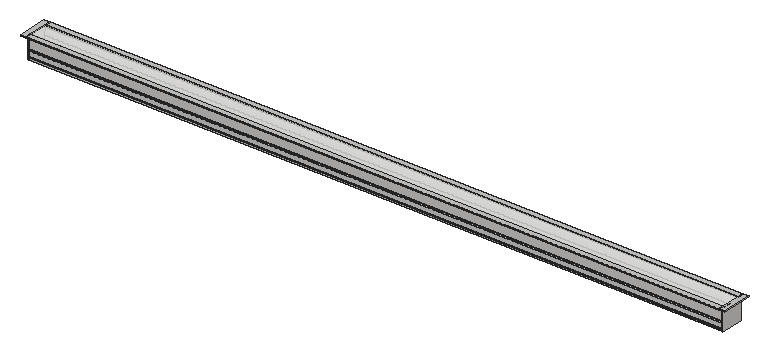
Revit family "Lighting-Luminii-Kilo_Recessed new", category Lighting Fixtures, host Face, Revit 2020
Family settings
  Host = Face
  Round Connector Dimension = Use Diameter
  Part Type = Normal
  OmniClass Number = 23.80.70.11.14.11
  OmniClass Title = Downlights
  Cut with Voids When Loaded = No
  Light Source = Yes
  Shared = Yes
  Room Calculation Point = No
Parameters (values of type "Kilo Recessed")
  Width = 2 5/128"  # constant formula
  Wattage Comments = "12 W/ft"
  Wattage = 12 W
  Warranty URL = "https://www.luminii.com/terms-conditions/"
  built-in parameter 1150110 = 1 (stored number, unit not read)
  Voltage Comments = "120VAC - 277VAC"  # constant formula
  Voltage = 120 V
  Version = "2020 - v1.0a"  # constant formula
  URL = "https://www.luminii.com/"
  built-in parameter 1114217 = 1 (stored number, unit not read)
  Tilt Angle = -90.00°  # constant formula
  built-in parameter 1150109 = 1 (stored number, unit not read)
  built-in parameter 1150134 = (empty or 0)
  built-in parameter 1150113 = 1 (stored number, unit not read)
  Support Phone = "224-699-9545"  # constant formula
  Support Email = "mailto:support@bimsmith.com"
  Right Endcap [instance] = yes
  Product Page URL = "Consult Manufacturer Website for more Information"
  Power Source Type = "Driver"  # constant formula
  Power Factor = 1
  Photometric Web File = "KILO - CLEAR - LL72-VHO-30K_IES.IES"
  Phase = 1
  Operating Temperature = "Consult Manufacturer Website for more Information"  # constant formula
  Number of Poles = if(and(or(Voltage = 120 V, Voltage = 277 V), Phase = 1), 1, if(and(or(Voltage = 208 V, Voltage = 240 V), Phase = 1), 2, if(and(or(Voltage = 208 V, Voltage = 240 V), Phase = 3), 3, if(and(Voltage > 300 V, Phase = 1), 2, if(and(Voltage > 400 V, Phase = 3), 3, 1)))))  # 1
  Mounting Method = "Recessed"  # constant formula
  Model = "KR"  # constant formula
  Manufacturer Phone Number = "403-216-7043"  # constant formula
  Manufacturer Email = "mailto: info@sensolighting.com"
  Manufacturer Address = "302 50 Ave SE. Calgary, Alberta, T2G 2A9 Canada"  # constant formula
  Manufacturer = "Luminii"  # constant formula
  built-in parameter 1150105 = 63.98 (stored number, unit not read)
  Lumens = 804 lm
  Luminaire Type = "Linear Illumination System"  # constant formula
  built-in parameter 1150115 = 1 (stored number, unit not read)
  Load Classification = Lighting
  built-in parameter 1150137 = (empty or 0)
  built-in parameter 1150139 = (empty or 0)
  Lens Material = Plastic - Luminii - Frosted Lens
  Length [instance] = if(Desired Length < 12", 12", if(Desired Length > 144", 144", (round(Desired Length / 2")) * 2"))  # 48"
  Left Endcap [instance] = yes
  built-in parameter 1150112 = 1 (stored number, unit not read)
  built-in parameter 1150114 = 1 (stored number, unit not read)
  Lamp Life = 1
  Lamp = "LED"  # constant formula
  Keynote = "26 50 00"
  built-in parameter 1150132 = (empty or 0)
  built-in parameter 1150102 = (empty or 0)
  built-in parameter 1150107 = 3000 (stored number, unit not read)
  Initial Color Comments = "Perfomance based on 3000K Photometric Web File"  # constant formula
  built-in parameter 1150138 = (empty or 0)
  built-in parameter 1150106 = 0.6398 (stored number, unit not read)
  Housing Protection Rating = "Consult Manufacturer Website for more Information"  # constant formula
  Height = 1 1/2"  # constant formula
  Has Dimming = 1 = 1  # yes
  Has Battery Backup = 0 = 1  # no
  Frequency Comments = ""  # constant formula
  Frequency = 60 Hz
  Finish = Metal - Luminii - Silver Anodized Aluminum
  Environment = "Indoor"  # constant formula
  Emit from Line Length = 48"
  built-in parameter 1150104 = 6.2245 (stored number, unit not read)
  Dimming Type = "Consult Manufacturer Website for more Information"  # constant formula
  Dimming Lamp Color Temperature Shift = <None>
  Desired Length [instance] = 48"
  Description = "Linear Illumination System"  # constant formula
  Default Elevation = 0"  # constant formula
  Current Amps = 50 A
  Copyright = "©2024 Luminii"  # constant formula
  Control Zone = "Consult Manufacturer Website for more Information"  # constant formula
  Control Type = "Consult Manufacturer Website for more Information"  # constant formula
  Constraints = 1  # constant formula
  Color Filter = 16777215
  built-in parameter 1114216 [instance] = 0  # (empty or 0)
  built-in parameter 1140040 [instance] = 1 = 1  # 1
  CCT = "3000K"
  C Right End [instance] = if(Right Endcap, 61/256", 0")  # 61/256"
  C Left End [instance] = if(Left Endcap, 61/256", 0")  # 61/256"
  built-in parameter 1114218 = 1 (stored number, unit not read)
  built-in parameter 1150133 = 10 (stored number, unit not read)
  Assembly Code = "D5040.50"
  Apparent Load = Wattage / Power Factor  # 12 VA
Reference planes (in)
  plane 1 "Center (Front/Back)": y = 0
  plane 2: z = 0
  plane 3 "Center (Left/Right)": x = 0
  plane 4: x = 0
  plane 5: x = 0
  plane 6: y = 1.01953
  plane 7: y = -1.01953
  plane 8: x = -24
  plane 9: x = 24
  plane 10: z = -1.439
  plane 11: z = 0.061
Forms (in)
  Extrusion 1, solid, material "Metal - Luminii - Silver Anodized Aluminum", not visible
    sketch origin (0, 0, -0.01563) x (1, 0, 0) y (0, 1, 0)
      loop
        circle (0, 0) r 0.03125
    from -1.42338 to -1.39158
  Extrusion 2, void
    sketch origin (0, 1.24288, 2.36) x (0, 1, 0) y (-1, 0, 0)
      loop
        line (-0.22335, 23.76172) -> (-2.26242, 23.76172) -> (-2.26242, -23.76172) -> (-0.22335, -23.76172) -> (-0.22335, 23.76172)
    from -3.799 to -2.36
Dimensions and locks (in)
  equal spacing: plane 4, plane 3 "Center (Left/Right)", plane 5
  equal spacing: plane 6, plane 1 "Center (Front/Back)", plane 7
  plane 4 to plane 5 = 0"
  "Width": plane 6 to plane 7
  equal spacing: plane 8, plane 3 "Center (Left/Right)", plane 9
  "Length": plane 8 to plane 9
  plane 2 to Extrusion 1 = 1.40721"
  locked: plane 11 to plane 2 at 0.061
  "Height": plane 10 to plane 11
  locked: plane 10 to Extrusion 1 at 0.03179
  plane 1 "Center (Front/Back)" to imposter light = 0"
  "C Right End": Extrusion 2 sketch curve to plane 9
  "C Left End": plane 8 to Extrusion 2 sketch curve
  aligned and locked: plane 2 to host face
  aligned and locked: plane 3 "Center (Left/Right)" to Extrusion 1 sketch curve
  aligned and locked: imposter light to plane 3 "Center (Left/Right)"
  aligned and locked: plane 1 "Center (Front/Back)" to Extrusion 1 sketch curve
  aligned and locked: plane 10 to Extrusion 1
  aligned and locked: plane 10 to Extrusion 2
  aligned and locked: plane 2 to Extrusion 2
  aligned and locked: Extrusion 2 sketch curve to plane 6
  aligned and locked: Extrusion 2 sketch curve to plane 7
  aligned and locked: imposter light to plane 11
  aligned and locked: plane 1 "Center (Front/Back)" to imposter light
Automatic sketch dimensions
  host sketch curve to host sketch curve = 96"  (x2)
  radius of Extrusion 1 sketch curve = 1/32"
Nested families (in)
  nested 1: "Nested Lamp" at (0, 0, 0), type "Nested Lamp"
    with Length 48"
Connectors (in)
  electrical at (0, 0, -1.439), driven by "Number of Poles", driven by "Load Classification", driven by "Voltage", driven by "Apparent Load", driven by "Power Factor"
    settings: on Extrusion 1, index 1, voltage 120 V, apparent load 12 VA, apparent load phase1 0 VA, apparent load phase2 0 VA, apparent load phase3 0 VA, power factor 1, load classification "Lighting", number of poles 1, system type 30, power factor state 1, is connector primary yes, connector utility no, sub classification motor no, connector description "Power Connection"
Definition of nested family "Nested Lamp"
  Parameters (values of type "Nested Lamp")
    Right Cap = yes
    Lens = none
    Length = 24"
    Left Cap = yes
    Finish = none
    Default Elevation = 48"
    C Right Endcap = if(Right Cap, 3/8", 0")  # 3/8"
    C Left Endcap = if(Left Cap, 3/8", 0")  # 3/8"
  Reference planes (in)
    plane 1 "Center (Front/Back)": y = 0
    plane 2: z = 0
    plane 3 "Center (Left/Right)": x = 0
    plane 4: x = -11.625
    plane 5: x = 11.625
    plane 6: x = 12
    plane 7: x = -12
  Forms (in)
    Extrusion 1, solid
      sketch origin (0, 0, 0) x (1, 0, 0) y (0, 1, 0)
        loop
          line (-48, 48) -> (-48, -48) -> (48, -48) -> (48, 48) -> (-48, 48)
      from 0 to -12
    Sweep 2, solid, material <- "Finish", detail levels coarse
      path origin (0, 0, 0) x (1, 0, 0) y (0, 1, 0)
        loop
          line (-11.625, 0) -> (11.625, 0)
      profile origin (0, 0, 0) x (0, 1, 0) y (0, 0, 1)
        loop
          line (0.75, 0) -> (1.021, 0) -> (1.021, 0.065) -> (0.646, 0.065) -> (0.646, 0.00813)
          arc (0.646, 0.00813) -> (0.55864, -0.22914) -> (0.527, -0.48) r 1.1148
          line (0.527, -0.48) -> (0.527, -0.82106) -> (-0.527, -0.82106) -> (-0.527, -0.48)
          arc (-0.527, -0.48) -> (-0.55864, -0.22914) -> (-0.646, 0.00813) r 1.1148
          line (-0.646, 0.00813) -> (-0.646, 0.065) -> (-1.021, 0.065) -> (-1.021, 0) -> (-0.75, 0) -> (-0.75, -1.435) -> (0.75, -1.435) -> (0.75, 0)
    Sweep 3, solid, material <- "Lens", detail levels medium+fine
      path origin (0, 0, 0) x (1, 0, 0) y (0, 1, 0)
        loop
          line (-11.625, 0) -> (11.625, 0)
      profile origin (0, 0, 0) x (0, 1, 0) y (0, 0, 1)
        loop
          line (0.68, 0.01031) -> (-0.68, 0.01031) -> (-0.68, -0.02094) -> (0.68, -0.02094) -> (0.68, 0.01031)
    Sweep 4, solid, material <- "Finish", detail levels medium+fine
      path origin (0, 0, 0) x (1, 0, 0) y (0, 1, 0)
        loop
          line (-11.625, 0) -> (11.625, 0)
      profile origin (0, 0, 0) x (0, 1, 0) y (0, 0, 1)
        loop
          line (0.75, 0) -> (1.021, 0) -> (1.021, 0.065) -> (0.646, 0.065) -> (0.64, 0.015) -> (0.685, 0.015) -> (0.685, -0.025) -> (0.63, -0.025)
          arc (0.63, -0.025) -> (0.55443, -0.24705) -> (0.527, -0.48) r 1.1148
          line (0.527, -0.48) -> (0.527, -0.82106) -> (-0.527, -0.82106) -> (-0.527, -0.48)
          arc (-0.527, -0.48) -> (-0.55443, -0.24705) -> (-0.63, -0.025) r 1.1148
          line (-0.63, -0.025) -> (-0.685, -0.025) -> (-0.685, 0.015) -> (-0.64, 0.015) -> (-0.646, 0.065) -> (-1.021, 0.065) -> (-1.021, 0) -> (-0.75, 0) -> (-0.75, -0.815) -> (-0.71, -0.855) -> (-0.75, -0.895) -> (-0.75, -1.27) -> (-0.71, -1.31) -> (-0.75, -1.35) -> (-0.75, -1.435) -> (-0.685, -1.435) -> (-0.685, -1.393) -> (-0.617, -1.393) -> (-0.57723, -1.3362)
          arc (-0.57723, -1.3362) -> (-0.58005, -1.3069) -> (-0.606, -1.293) r 0.03118
          line (-0.606, -1.293) -> (-0.655, -1.293) -> (-0.655, -1.199) -> (-0.68625, -1.199) -> (-0.68625, -1.134) -> (-0.655, -1.134) -> (-0.655, -0.892) -> (-0.33, -0.892) -> (-0.33, -1.134) -> (-0.242, -1.134) -> (-0.2305, -0.892) -> (-0.1255, -0.892) -> (-0.114, -1.134) -> (-0.064, -1.134) -> (-0.0525, -0.892) -> (0.0525, -0.892) -> (0.064, -1.134) -> (0.114, -1.134) -> (0.1255, -0.892) -> (0.2305, -0.892) -> (0.242, -1.134) -> (0.33, -1.134) -> (0.33, -0.892) -> (0.655, -0.892) -> (0.655, -1.134) -> (0.68625, -1.134) -> (0.68625, -1.199) -> (0.655, -1.199) -> (0.655, -1.293) -> (0.606, -1.293)
          arc (0.606, -1.293) -> (0.58005, -1.3069) -> (0.57723, -1.3362) r 0.03118
          line (0.57723, -1.3362) -> (0.617, -1.393) -> (0.685, -1.393) -> (0.685, -1.435) -> (0.75, -1.435) -> (0.75, -1.35) -> (0.71, -1.31) -> (0.75, -1.27) -> (0.75, -0.895) -> (0.71, -0.855) -> (0.75, -0.815) -> (0.75, 0)
    Sweep 5, solid, material <- "Lens", detail levels coarse
      path origin (0, 0, 0) x (1, 0, 0) y (0, 1, 0)
        loop
          line (-11.625, 0) -> (11.625, 0)
      profile origin (0, 0, 0) x (0, 1, 0) y (0, 0, 1)
        loop
          line (0.646, -0.025) -> (0.646, 0.015) -> (-0.646, 0.015) -> (-0.646, -0.025) -> (0.646, -0.025)
    Sweep 6, solid, material <- "Finish", visible <- "Right Cap"
      path origin (0, 0, 0) x (1, 0, 0) y (0, 1, 0)
        loop
          line (11.625, 0) -> (11.705, 0)
      profile origin (11.665, 0, 0) x (0, 1, 0) y (0, 0, 1)
        loop
          line (0.75, 0) -> (-0.75, 0) -> (-0.75, -1.435) -> (0.75, -1.435) -> (0.75, 0)
    Sweep 7, solid, material <- "Finish", visible <- "Left Cap"
      path origin (0, 0, 0) x (-1, 0, 0) y (0, 1, 0)
        loop
          line (11.625, 0) -> (11.705, 0)
      profile origin (-11.665, 0, 0) x (0, -1, 0) y (0, 0, 1)
        loop
          line (-0.75, 0) -> (-0.75, -1.435) -> (0.75, -1.435) -> (0.75, 0) -> (-0.75, 0)
    Extrusion 8, solid, material <- "Finish", visible <- "Right Cap"
      sketch origin (0, 0, 0) x (1, 0, 0) y (0, 1, 0)
        loop
          line (11.625, 1.021) -> (11.625, -1.021) -> (12, -1.021) -> (12, 1.021) -> (11.625, 1.021)
      from 0 to 0.065
    Extrusion 9, solid, material <- "Finish", visible <- "Left Cap"
      sketch origin (0, 0, 0) x (-1, 0, 0) y (0, -1, 0)
        loop
          line (11.625, -1.021) -> (12, -1.021) -> (12, 1.021) -> (11.625, 1.021) -> (11.625, -1.021)
      from 0 to 0.065
  Dimensions and locks (in)
    "Length": plane 7 to plane 6
    "C Left Endcap": plane 7 to plane 4
    "C Right Endcap": plane 5 to plane 6
    equal spacing: plane 7, plane 3 "Center (Left/Right)", plane 6
    Sweep 6 sketch curve to Sweep 6 sketch curve to plane 6 = 0.08" locked, 0.295" locked
    Sweep 7 sketch curve to plane 4 to Sweep 7 sketch curve = 0.08" locked, 0" locked
    locked: Extrusion 8 sketch curve to plane 6 at 0.375
    Extrusion 8 to plane 2 = 0.065"
    locked: plane 7 to Extrusion 9 sketch curve at 0.375
    Extrusion 9 to plane 2 = 0.065"
    aligned and locked: plane 2 to Extrusion 1
    aligned and locked: level to Extrusion 1
    aligned and locked: plane 4 to Sweep 2 sketch curve
    aligned and locked: plane 1 "Center (Front/Back)" to Sweep 2 sketch curve
    aligned and locked: plane 5 to Sweep 2 sketch curve
    aligned and locked: plane 5 to Sweep 3 sketch curve
    aligned and locked: plane 4 to Sweep 3 sketch curve
    aligned and locked: plane 1 "Center (Front/Back)" to Sweep 3 sketch curve
    aligned and locked: plane 1 "Center (Front/Back)" to Sweep 6 sketch curve
    aligned and locked: Sweep 7 sketch curve to plane 1 "Center (Front/Back)"
    aligned and locked: Extrusion 8 sketch curve to plane 6
    aligned and locked: Extrusion 8 to plane 2
    aligned and locked: plane 7 to Extrusion 9 sketch curve
    aligned and locked: Extrusion 9 to plane 2
    aligned and locked: plane 7 to Extrusion 9
  Automatic sketch dimensions
    Extrusion 1 sketch curve to Extrusion 1 sketch curve = 96"  (x2)
    plane 1 "Center (Front/Back)" to Sweep 4 sketch curve = 0"
    Sweep 4 sketch curve to plane 4 = 0"
    Sweep 4 sketch curve to plane 5 = 0"
    plane 1 "Center (Front/Back)" to Sweep 5 sketch curve = 0"
    Sweep 5 sketch curve to plane 4 = 0"
    Sweep 5 sketch curve to plane 5 = 0"
    level to Sweep 5 sketch curve = 0.015"
    profile plane to Sweep 5 sketch curve = 0.646"  (x2)
    Sweep 5 sketch curve to profile plane = 0.646"  (x2)
    Sweep 5 sketch curve to level = 0.025"
    plane 1 "Center (Front/Back)" to Extrusion 8 sketch curve = 1.021"
    Extrusion 8 sketch curve to plane 1 "Center (Front/Back)" = 1.021"
    Extrusion 9 sketch curve to plane 1 "Center (Front/Back)" = 1.021"
    plane 1 "Center (Front/Back)" to Extrusion 9 sketch curve = 1.021"
    Sweep 6 sketch curve to Sweep 6 sketch curve = 1.435"
    Sweep 7 sketch curve to Sweep 7 sketch curve = 1.435"
    Sweep 4 sketch curve to level = 0"  (x2)
    Sweep 4 sketch curve to level = 0.49319"  (x2)
    profile plane to Sweep 4 sketch curve = 1.64173"
    level to Sweep 4 sketch curve = 0.065"  (x2)
    Sweep 4 sketch curve to Sweep 4 sketch curve = 0.62073"  (x2)
    profile plane to Sweep 4 sketch curve = 3/4"
    Sweep 4 sketch curve to Sweep 4 sketch curve = 0.271"  (x2)
    Sweep 4 sketch curve to Sweep 4 sketch curve = 0"  (x9)
    Sweep 4 sketch curve to Sweep 4 sketch curve = 0.04"  (x9)
    Sweep 4 sketch curve to Sweep 4 sketch curve = 0.06375"
    level to Sweep 4 sketch curve = 0.015"  (x2)
    Sweep 4 sketch curve to Sweep 4 sketch curve = 0.065"  (x4)
    Sweep 4 sketch curve to Sweep 4 sketch curve = 0.055"  (x5)
    Sweep 4 sketch curve to Sweep 4 sketch curve = 0.039"
    Sweep 4 sketch curve to Sweep 4 sketch curve = 0.045"
    Sweep 4 sketch curve to Sweep 4 sketch curve = 0.01"  (x2)
    Sweep 4 sketch curve to Sweep 4 sketch curve = 0.068"  (x2)
    Sweep 4 sketch curve to Sweep 4 sketch curve = 0.049"
    Sweep 4 sketch curve to Sweep 4 sketch curve = 0.02877"  (x2)
    Sweep 4 sketch curve to Sweep 4 sketch curve = 0.223"
    Sweep 4 sketch curve to Sweep 4 sketch curve = 0.276"
    Sweep 4 sketch curve to Sweep 4 sketch curve = 0.088"  (x2)
    Sweep 4 sketch curve to Sweep 4 sketch curve = 0.0995"
    Sweep 4 sketch curve to Sweep 4 sketch curve = 0.105"  (x2)
    profile plane to Sweep 4 sketch curve = 0.114"
    Sweep 4 sketch curve to Sweep 4 sketch curve = 0.05"  (x2)
    profile plane to Sweep 4 sketch curve = 0.0525"
    Sweep 4 sketch curve to profile plane = 0.0525"
    Sweep 4 sketch curve to profile plane = 0.064"
    Sweep 4 sketch curve to Sweep 4 sketch curve = 0.073"
    Sweep 4 sketch curve to Sweep 4 sketch curve = 0.128"  (x2)
    Sweep 4 sketch curve to Sweep 4 sketch curve = 0.197"
    Sweep 4 sketch curve to Sweep 4 sketch curve = 0.24723"
    Sweep 4 sketch curve to Sweep 4 sketch curve = 0.03977"
    Sweep 4 sketch curve to level = 0.025"
    Sweep 4 sketch curve to Sweep 4 sketch curve = 0.103"
    Sweep 4 sketch curve to Sweep 4 sketch curve = 0.006"
    Sweep 4 sketch curve to Sweep 4 sketch curve = 1/32"
    Sweep 4 sketch curve to Sweep 4 sketch curve = 0.335"
    Sweep 4 sketch curve to level = 0.815"
    Sweep 4 sketch curve to Sweep 4 sketch curve = 0.00606"
    Sweep 4 sketch curve to Sweep 4 sketch curve = 0.037"
    Sweep 4 sketch curve to Sweep 4 sketch curve = 0.242"  (x3)
    Sweep 4 sketch curve to Sweep 4 sketch curve = 0.071"  (x2)
    Sweep 4 sketch curve to Sweep 4 sketch curve = 0.094"  (x2)
    Sweep 4 sketch curve to Sweep 4 sketch curve = 0.03118"  (x2)
    Sweep 4 sketch curve to Sweep 4 sketch curve = 0.043"  (x2)
    Sweep 4 sketch curve to Sweep 4 sketch curve = 0.042"  (x2)
    Sweep 4 sketch curve to Sweep 4 sketch curve = 0.34106"
    Sweep 2 sketch curve to level = 0"  (x2)
    Sweep 2 sketch curve to level = 0.49319"  (x2)
    profile plane to Sweep 2 sketch curve = 1.64173"
    level to Sweep 2 sketch curve = 0.065"  (x2)
    Sweep 2 sketch curve to Sweep 2 sketch curve = 0.62073"  (x2)
    Sweep 2 sketch curve to Sweep 2 sketch curve = 0.271"  (x2)
    level to Sweep 2 sketch curve = 0.00813"  (x2)
    Sweep 2 sketch curve to Sweep 2 sketch curve = 0.104"
    profile plane to Sweep 2 sketch curve = 0.527"
    Sweep 2 sketch curve to profile plane = 0.527"
    Sweep 2 sketch curve to Sweep 2 sketch curve = 0.119"
    Sweep 2 sketch curve to Sweep 2 sketch curve = 0.223"
    Sweep 2 sketch curve to Sweep 2 sketch curve = 0.34106"
    Sweep 2 sketch curve to Sweep 2 sketch curve = 0.61394"
    level to Sweep 3 sketch curve = 0.01031"
    Sweep 3 sketch curve to profile plane = 0.68"
    Sweep 3 sketch curve to level = 0.02094"
    profile plane to Sweep 3 sketch curve = 0.68"
    Sweep 7 sketch curve to level = 0"
    profile plane to Sweep 7 sketch curve = 3/4"
    Sweep 7 sketch curve to profile plane = 3/4"
    Sweep 6 sketch curve to level = 0"
    profile plane to Sweep 6 sketch curve = 3/4"
    Sweep 6 sketch curve to profile plane = 3/4"
